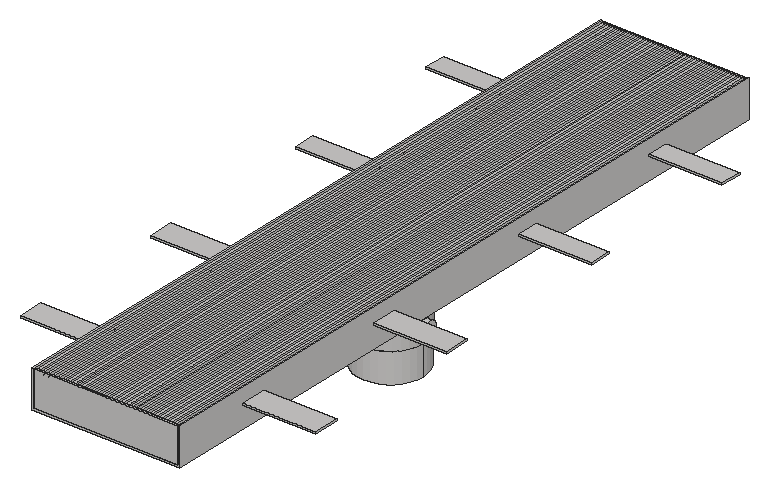
Revit family "Drain_Trench_Elevator-Zurn-Z899-EL", category Plumbing Fixtures, Revit 2022
Family settings
  Round Connector Dimension = Use Radius
  Part Type = Normal
  OmniClass Number = 23.70.50.21.24.14
  OmniClass Title = Deck Waste Water Drains
  Work Plane-Based = No
  Always vertical = Yes
  Cut with Voids When Loaded = No
  Maintain Annotation Orientation = No
  Shared = No
  Room Calculation Point = No
Parameters (values of type "Load Family Type Catalog")
  Waste Connection = yes
  WFU = 1  # constant formula
  Vent Connection = no
  URL = "www.zurn.com"
  Type Comments = "Z899-EL-10 x 48 w/ Trap Primer Option"
  Channel Depth = 0' - 2 1/2"  # constant formula
  Trap Primer Radius = 0' - 0 1/4"  # constant formula
  Product data url = "https://bimobject.com/zurnindustries/product/Z899-EL"
  Product Page URL = "https://www.zurn.com/products/drainage-interceptors/stainless-drains/stainless-trench-drains/z899-el"
  Product Installation Sheet = "https://files.zurn.com/care-cleaning-install-warranty-sheets/220-059-z899-installation-guide_pq.pdf"
  Product Documentation Link = "https://files.zurn.com/spec-sheets/z899-el.pdf"
  Outlet Depth = 0' - 6"  # constant formula
  Outlet Location (Centered) = Length_A / 2  # 2' - 0"
  Nominal Outlet Radius = 0' - 2"  # constant formula
  Model = "Z899-EL"  # constant formula
  Main Material = Steel - Zurn - Stainless - Type 304
  HWFU = 0  # constant formula
  HW Connection = no
  Description = "FSAE/OEE Trench Drainage System"  # constant formula
  Outlet Radius = 0' - 2"  # constant formula
  CWFU = 0  # constant formula
  CW Connection = yes
  Assembly Code = "D2030300"
  Anchor Straps-96 = no
  Anchor Straps-72 = no
  Anchor Straps-60 = no
  Anchor Straps-48 = yes
  Anchor Straps-36 = yes
  Actual Outlet Radius = 0' - 2 1/4"  # constant formula
  Modified Date = "January 6, 2025"  # constant formula
  Manufacurer Brand = "Zurn"  # constant formula
  Manufacturer = "Zurn Water, LLC"  # constant formula
  Width_C = 0' - 10"
  Length_A = 4' - 0"
  Default Elevation = 2' - 0"  # constant formula
  Date Created = "March 23, 2021"  # constant formula
Reference planes (in)
  plane 1 "Center (Front/Back)": y = 0
  plane 2: z = 0
  plane 3 "Center (Left/Right)": x = 0
  plane 4: y = 24
  plane 5: y = -24
  plane 6: x = -5
  plane 7: x = 5
  plane 8: z = -2.5
  plane 9: x = -4.875
  plane 10: x = 4.875
  plane 11: z = -2.375
  plane 12: z = -1.875
  plane 13: z = -8.5
  plane 14: y = -23.875
  plane 15: y = 23.875
  plane 16: z = -1.875
  plane 17: x = -4.875
  plane 18: x = 4.875
  plane 19: x = -4.70975
  plane 20: x = -4.54449
  plane 21: z = -1
  plane 22: x = -4.37924
  plane 23: x = -4.21398
  plane 24: x = -4.04873
  plane 25: x = -3.88347
  plane 26: x = -3.71822
  plane 27: x = -3.55297
  plane 28: x = -3.38771
  plane 29: x = -3.22246
  plane 30: x = -3.0572
  plane 31: x = -2.89195
  plane 32: x = -2.72669
  plane 33: x = -2.56144
  plane 34: x = -2.39619
  plane 35: x = -2.23093
  plane 36: x = -2.06568
  plane 37: x = -1.90042
  plane 38: x = -1.73517
  plane 39: x = -1.56992
  plane 40: x = -1.40466
  plane 41: x = -1.23941
  plane 42: x = -1.07415
  plane 43: x = -0.9089
  plane 44: x = -0.74364
  plane 45: x = -0.57839
  plane 46: x = -0.41314
  plane 47: x = -0.24788
  plane 48: x = -0.08263
  plane 49: x = 0.08263
  plane 50: x = 0.24788
  plane 51: x = 0.41314
  plane 52: x = 0.57839
  plane 53: x = 0.74364
  plane 54: x = 0.9089
  plane 55: x = 1.07415
  plane 56: x = 1.23941
  plane 57: x = 1.40466
  plane 58: x = 1.56992
  plane 59: x = 1.73517
  plane 60: x = 1.90042
  plane 61: x = 2.06568
  plane 62: x = 2.23093
  plane 63: x = 2.39619
  plane 64: x = 2.56144
  plane 65: x = 2.72669
  plane 66: x = 2.89195
  plane 67: x = 3.0572
  plane 68: x = 3.22246
  plane 69: x = 3.38771
  plane 70: x = 3.55297
  plane 71: x = 3.71822
  plane 72: x = 3.88347
  plane 73: x = 4.04873
  plane 74: x = 4.21398
  plane 75: x = 4.37924
  plane 76: x = 4.54449
  plane 77: x = 4.70975
  plane 78: y = 23.375
  plane 79: z = -0.5
  plane 80: z = -0.5
  plane 81: y = 21.34239
  plane 82: y = 19.30978
  plane 83: y = 17.27717
  plane 84: y = 15.24457
  plane 85: y = 13.21196
  plane 86: y = 11.17935
  plane 87: y = 9.14674
  plane 88: y = 7.11413
  plane 89: y = 5.08152
  plane 90: y = 3.04891
  plane 91: y = 1.0163
  plane 92: y = -23.375
  plane 93: z = -0.5
  plane 94: y = -21.34239
  plane 95: y = -19.30978
  plane 96: y = -17.27717
  plane 97: y = -15.24457
  plane 98: y = -13.21196
  plane 99: y = -11.17935
  plane 100: y = -9.14674
  plane 101: y = -7.11413
  plane 102: y = -5.08152
  plane 103: y = -3.04891
  plane 104: y = -1.0163
  plane 105: x = -10
  plane 106: x = 10
  plane 107: y = -40.75
  plane 108: z = -0.875
  plane 109: y = 37.5
  plane 110: y = 6
  plane 111: y = 39
  plane 112: y = 28
  plane 113: y = 17
  plane 114: y = -6
  plane 115: y = -39
  plane 116: y = -28
  plane 117: y = -17
  plane 118: y = 26.5
  plane 119: y = -29.75
  plane 120: y = 15.5
  plane 121: y = -18.75
  plane 122: y = 4.5
  plane 123: y = -7.75
  plane 124: x = 2.25
  plane 125: x = 2.84375
  plane 126: x = -3.75
  plane 127: x = 3.75
  plane 128: x = -2.5
  plane 129: x = -1.25
  plane 130: x = 2.5
  plane 131: x = 1.25
  plane 132: x = -2.25
  plane 133: y = 2.25
  plane 134: y = -2.25
  plane 135: z = -6.5
  plane 136: x = -2.9375
  plane 137: x = 2.9375
  plane 138: x = 14.36298
  plane 139: z = -6.02284
  plane 140: z = -2.62
  plane 141: x = 2.8175
  plane 142: z = -6.38
  plane 143: x = 2.13
  plane 144: z = -6.1514
  plane 145: x = 14.23996
  plane 146: x = 2.1875
  plane 147: z = -5.375
  plane 148: x = 2.75
Forms (in)
  Sweep 1, solid, material "Steel - Zurn - Stainless - Type 304" <- "Main Material", detail levels fine
    path origin (0, 0, 0) x (1, 0, 0) y (0, 1, 0)
      loop
        line (0, 24) -> (0, -24)
    profile origin (0, 0, 0) x (1, 0, 0) y (0, 0, 1)
      loop
        line (-5, 0) -> (-5, -2.5) -> (5, -2.5) -> (5, 0) -> (4.875, 0) -> (4.875, -2.375) -> (-4.875, -2.375) -> (-4.875, 0) -> (-5, 0)
  Extrusion 2, solid, material "Steel - Zurn - Stainless - Type 304" <- "Main Material", detail levels fine
    sketch origin (0, 0, 0) x (1, 0, 0) y (0, 1, 0)
      loop
        circle (0, 0) r 2.25
    from -8.5 to -6.5
  Extrusion 3, void, detail levels fine
    sketch origin (0, 0, 0) x (1, 0, 0) y (0, 1, 0)
      loop
        circle (0, 0) r 2
    from -8.5 to -2.68657
  Extrusion 4, solid, material "Steel - Zurn - Stainless - Type 304" <- "Main Material", detail levels fine
    sketch origin (0, 0, 0) x (1, 0, 0) y (0, 0, 1)
      loop
        line (-4.875, 0) -> (-4.875, -2.375) -> (4.875, -2.375) -> (4.875, 0) -> (-4.875, 0)
    from 24 to 23.875
  Extrusion 5, solid, material "Steel - Zurn - Stainless - Type 304" <- "Main Material", detail levels fine
    sketch origin (0, 0, 0) x (1, 0, 0) y (0, 1, 0)
      loop
        circle (0, 0) r 2.25
    from -8.5 to -6.5
  Extrusion 6, void, detail levels fine
    sketch origin (0, 0, 0) x (1, 0, 0) y (0, 1, 0)
      loop
        circle (0, 0) r 2
    from -8.5 to -6.5
  Extrusion 7, solid, material "Steel - Zurn - Stainless - Type 304" <- "Main Material", detail levels fine
    sketch origin (0, 0, 0) x (1, 0, 0) y (0, 0, -1)
      loop
        line (-4.875, 0) -> (4.875, 0) -> (4.875, 2.375) -> (-4.875, 2.375) -> (-4.875, 0)
    from 23.875 to 24
  Extrusion 8, solid, material "Steel - Zurn - Stainless - Type 304" <- "Main Material", detail levels fine
    sketch origin (0, 0, 0) x (1, 0, 0) y (0, 1, 0)
      loop
        line (-4.70975, 23.875) -> (-4.70975, -23.875) -> (-4.54449, -23.875) -> (-4.54449, 23.875) -> (-4.70975, 23.875)
      loop
        line (-4.37924, 23.875) -> (-4.37924, -23.875) -> (-4.21398, -23.875) -> (-4.21398, 23.875) -> (-4.37924, 23.875)
      loop
        line (-4.04873, 23.875) -> (-4.04873, -23.875) -> (-3.88347, -23.875) -> (-3.88347, 23.875) -> (-4.04873, 23.875)
      loop
        line (-3.71822, 23.875) -> (-3.71822, -23.875) -> (-3.55297, -23.875) -> (-3.55297, 23.875) -> (-3.71822, 23.875)
      loop
        line (-3.38771, 23.875) -> (-3.38771, -23.875) -> (-3.22246, -23.875) -> (-3.22246, 23.875) -> (-3.38771, 23.875)
      loop
        line (-3.0572, 23.875) -> (-3.0572, -23.875) -> (-2.89195, -23.875) -> (-2.89195, 23.875) -> (-3.0572, 23.875)
      loop
        line (-2.72669, 23.875) -> (-2.72669, -23.875) -> (-2.56144, -23.875) -> (-2.56144, 23.875) -> (-2.72669, 23.875)
      loop
        line (-2.39619, 23.875) -> (-2.39619, -23.875) -> (-2.23093, -23.875) -> (-2.23093, 23.875) -> (-2.39619, 23.875)
      loop
        line (-2.06568, 23.875) -> (-2.06568, -23.875) -> (-1.90042, -23.875) -> (-1.90042, 23.875) -> (-2.06568, 23.875)
      loop
        line (-1.73517, 23.875) -> (-1.73517, -23.875) -> (-1.56992, -23.875) -> (-1.56992, 23.875) -> (-1.73517, 23.875)
      loop
        line (-1.40466, 23.875) -> (-1.40466, -23.875) -> (-1.23941, -23.875) -> (-1.23941, 23.875) -> (-1.40466, 23.875)
      loop
        line (-1.07415, 23.875) -> (-1.07415, -23.875) -> (-0.9089, -23.875) -> (-0.9089, 23.875) -> (-1.07415, 23.875)
      loop
        line (-0.74364, 23.875) -> (-0.74364, -23.875) -> (-0.57839, -23.875) -> (-0.57839, 23.875) -> (-0.74364, 23.875)
      loop
        line (-0.41314, 23.875) -> (-0.41314, -23.875) -> (-0.24788, -23.875) -> (-0.24788, 23.875) -> (-0.41314, 23.875)
      loop
        line (-0.08263, 23.875) -> (-0.08263, -23.875) -> (0.08263, -23.875) -> (0.08263, 23.875) -> (-0.08263, 23.875)
      loop
        line (0.24788, 23.875) -> (0.24788, -23.875) -> (0.41314, -23.875) -> (0.41314, 23.875) -> (0.24788, 23.875)
      loop
        line (0.57839, 23.875) -> (0.57839, -23.875) -> (0.74364, -23.875) -> (0.74364, 23.875) -> (0.57839, 23.875)
      loop
        line (0.9089, 23.875) -> (0.9089, -23.875) -> (1.07415, -23.875) -> (1.07415, 23.875) -> (0.9089, 23.875)
      loop
        line (1.23941, 23.875) -> (1.23941, -23.875) -> (1.40466, -23.875) -> (1.40466, 23.875) -> (1.23941, 23.875)
      loop
        line (1.56992, 23.875) -> (1.56992, -23.875) -> (1.73517, -23.875) -> (1.73517, 23.875) -> (1.56992, 23.875)
      loop
        line (1.90042, 23.875) -> (1.90042, -23.875) -> (2.06568, -23.875) -> (2.06568, 23.875) -> (1.90042, 23.875)
      loop
        line (2.23093, 23.875) -> (2.23093, -23.875) -> (2.39619, -23.875) -> (2.39619, 23.875) -> (2.23093, 23.875)
      loop
        line (2.56144, 23.875) -> (2.56144, -23.875) -> (2.72669, -23.875) -> (2.72669, 23.875) -> (2.56144, 23.875)
      loop
        line (2.89195, 23.875) -> (2.89195, -23.875) -> (3.0572, -23.875) -> (3.0572, 23.875) -> (2.89195, 23.875)
      loop
        line (3.22246, 23.875) -> (3.22246, -23.875) -> (3.38771, -23.875) -> (3.38771, 23.875) -> (3.22246, 23.875)
      loop
        line (3.55297, 23.875) -> (3.55297, -23.875) -> (3.71822, -23.875) -> (3.71822, 23.875) -> (3.55297, 23.875)
      loop
        line (3.88347, 23.875) -> (3.88347, -23.875) -> (4.04873, -23.875) -> (4.04873, 23.875) -> (3.88347, 23.875)
      loop
        line (4.21398, 23.875) -> (4.21398, -23.875) -> (4.37924, -23.875) -> (4.37924, 23.875) -> (4.21398, 23.875)
      loop
        line (4.54449, 23.875) -> (4.54449, -23.875) -> (4.70975, -23.875) -> (4.70975, 23.875) -> (4.54449, 23.875)
    from -1 to 0
  Extrusion 9, solid, material "Steel - Zurn - Stainless - Type 304" <- "Main Material", detail levels fine
    sketch origin (0, 0, 0.5) x (0, 1, 0) y (0, 0, 1)
      loop
        circle (23.375, -1) r 0.094
      loop
        circle (21.34239, -1) r 0.094
      loop
        circle (19.30978, -1) r 0.094
      loop
        circle (17.27717, -1) r 0.094
      loop
        circle (15.24457, -1) r 0.094
      loop
        circle (13.21196, -1) r 0.094
      loop
        circle (11.17935, -1) r 0.094
      loop
        circle (9.14674, -1) r 0.094
      loop
        circle (7.11413, -1) r 0.094
      loop
        circle (5.08152, -1) r 0.094
      loop
        circle (3.04891, -1) r 0.094
      loop
        circle (1.0163, -1) r 0.094
      loop
        circle (-23.375, -1) r 0.094
      loop
        circle (-21.34239, -1) r 0.094
      loop
        circle (-19.30978, -1) r 0.094
      loop
        circle (-17.27717, -1) r 0.094
      loop
        circle (-15.24457, -1) r 0.094
      loop
        circle (-13.21196, -1) r 0.094
      loop
        circle (-11.17935, -1) r 0.094
      loop
        circle (-9.14674, -1) r 0.094
      loop
        circle (-7.11413, -1) r 0.094
      loop
        circle (-5.08152, -1) r 0.094
      loop
        circle (-3.04891, -1) r 0.094
      loop
        circle (-1.0163, -1) r 0.094
    from -4.875 to 4.875
  Extrusion 10, solid, material "Steel - Zurn - Stainless - Type 304" <- "Main Material", visible <- "Anchor Straps-96", detail levels fine
    sketch origin (0, 0, 0) x (1, 0, 0) y (0, 1, 0)
      loop
        line (-10, -40.75) -> (-5, -40.75) -> (-5, -39) -> (-10, -39) -> (-10, -40.75)
      loop
        line (-10, 39) -> (-10, 37.5) -> (-5, 37.5) -> (-5, 39) -> (-10, 39)
      loop
        line (10, 39) -> (5, 39) -> (5, 37.5) -> (10, 37.5) -> (10, 39)
      loop
        line (10, -40.75) -> (10, -39) -> (5, -39) -> (5, -40.75) -> (10, -40.75)
    from -1 to -0.875
  Extrusion 11, solid, material "Steel - Zurn - Stainless - Type 304" <- "Main Material", visible <- "Anchor Straps-72", detail levels fine
    sketch origin (0, 0, 0) x (1, 0, 0) y (0, 1, 0)
      loop
        line (-10, 28) -> (-10, 26.5) -> (-5, 26.5) -> (-5, 28) -> (-10, 28)
      loop
        line (5, 28) -> (5, 26.5) -> (10, 26.5) -> (10, 28) -> (5, 28)
      loop
        line (-10, -28) -> (-10, -29.75) -> (-5, -29.75) -> (-5, -28) -> (-10, -28)
      loop
        line (5, -28) -> (5, -29.75) -> (10, -29.75) -> (10, -28) -> (5, -28)
    from -1 to -0.875
  Extrusion 12, solid, material "Steel - Zurn - Stainless - Type 304" <- "Main Material", visible <- "Anchor Straps-48", detail levels fine
    sketch origin (0, 0, 0) x (1, 0, 0) y (0, 1, 0)
      loop
        line (-10, 17) -> (-10, 15.5) -> (-5, 15.5) -> (-5, 17) -> (-10, 17)
      loop
        line (5, 17) -> (5, 15.5) -> (10, 15.5) -> (10, 17) -> (5, 17)
      loop
        line (-10, -17) -> (-10, -18.75) -> (-5, -18.75) -> (-5, -17) -> (-10, -17)
      loop
        line (5, -17) -> (5, -18.75) -> (10, -18.75) -> (10, -17) -> (5, -17)
    from -1 to -0.875
  Extrusion 13, solid, material "Steel - Zurn - Stainless - Type 304" <- "Main Material", visible <- "Anchor Straps-36", detail levels fine
    sketch origin (0, 0, 0) x (1, 0, 0) y (0, 1, 0)
      loop
        line (-10, 6) -> (-10, 4.5) -> (-5, 4.5) -> (-5, 6) -> (-10, 6)
      loop
        line (5, 6) -> (5, 4.5) -> (10, 4.5) -> (10, 6) -> (5, 6)
      loop
        line (-10, -6) -> (-10, -7.75) -> (-5, -7.75) -> (-5, -6) -> (-10, -6)
      loop
        line (5, -6) -> (5, -7.75) -> (10, -7.75) -> (10, -6) -> (5, -6)
    from -1 to -0.875
  Revolve 14, solid, material "Steel - Zurn - Stainless - Type 304" <- "Main Material", detail levels fine
    sketch origin (0, 0, 0) x (1, 0, 0) y (0, 0, 1)
      loop
        line (0, -2.5) -> (0, -6.5) -> (2.25, -6.5)
        arc (2.25, -6.5) -> (2.33938, -4.47848) -> (2.76377, -2.5) r 12.12237
        line (2.76377, -2.5) -> (0, -2.5)
      axis (0, -2.5) -> (0, -6.5)
    angle from 0 to 360
  Revolve 15, void
    sketch origin (0, 0, 0) x (1, 0, 0) y (0, 0, 1)
      loop
        line (0, -6.5) -> (2.12791, -6.5)
        arc (2.12791, -6.5) -> (2.24845, -4.41157) -> (2.72639, -2.375) r 12.11707
        line (2.72639, -2.375) -> (0, -2.375) -> (0, -6.5)
      axis (0, -2.375) -> (0, -6.5)
    angle from 0 to 360
  Extrusion 16, solid, material "Steel - Zurn - Stainless - Type 304" <- "Main Material", detail levels fine
    sketch origin (0, 0, 0) x (0, 1, 0) y (0, 0, 1)
      loop
        circle (0, -5.375) r 0.42188
    from 2.25 to 2.75
Cuts and joins
  Extrusion 3 cuts Extrusion 2
  Extrusion 6 cuts Extrusion 4
  Extrusion 6 cuts Extrusion 5
  Revolve 15 cuts Revolve 14
  Revolve 15 cuts Sweep 1
Lines and regions (in)
  model lines, detail levels coarse+medium
    curve 1: line (-5, 24, 0) -> (5, 24, 0)
    curve 2: line (-5, -24, 0) -> (-5, 24, 0)
    curve 3: line (5, -24, 0) -> (-5, -24, 0)
    curve 4: line (5, 24, 0) -> (5, -24, 0)
    curve 5: line (-3.75, 24, 0) -> (-3.75, -24, 0)
    curve 6: line (3.75, 24, 0) -> (3.75, -24, 0)
    curve 7: line (-5, 6, 0) -> (5, 6, 0)
    curve 8: line (-5, -6, 0) -> (5, -6, 0)
    curve 9: line (-2.5, 24, 0) -> (-2.5, -24, 0)
    curve 10: line (-1.25, 24, 0) -> (-1.25, -24, 0)
    curve 11: line (2.5, 24, 0) -> (2.5, -24, 0)
    curve 12: line (1.25, 24, 0) -> (1.25, -24, 0)
    curve 13: line (0, 24, 0) -> (0, -24, 0)
    curve 74: line (0, 0, 0) -> (0, 0, -8.5)
    curve 75: line (-2.25, 0, -8.5) -> (2.25, 0, -8.5)
    curve 76: line (0, 2.25, -8.5) -> (0, -2.25, -8.5)
    curve 94: line (0, 0, -5.375) -> (2.75, 0, -5.375)
  model lines, visible <- "Anchor Straps-96", detail levels coarse+medium
    curve 14: line (-5, 39, 0) -> (5, 39, 0)
    curve 19: line (-5, -39, 0) -> (5, -39, 0)
  model lines, visible <- "Anchor Straps-72", detail levels coarse+medium
    curve 15: line (-5, 28, 0) -> (5, 28, 0)
    curve 18: line (-5, -28, 0) -> (5, -28, 0)
  model lines, visible <- "Anchor Straps-48", detail levels coarse+medium
    curve 16: line (-5, 17, 0) -> (5, 17, 0)
    curve 17: line (-5, -17, 0) -> (5, -17, 0)
  symbolic lines, detail levels coarse+medium
    curve 20: line (0, 24, 0) -> (0, -24, 0)
    curve 21: line (-5, 24, 0) -> (5, 24, 0)
    curve 22: line (-5, -24, 0) -> (-5, 24, 0)
    curve 23: line (5, -24, 0) -> (-5, -24, 0)
    curve 49: line (5, 4.5, 0) -> (10, 4.5, 0)
    curve 50: line (10, 4.5, 0) -> (10, 6, 0)
    curve 51: line (10, 6, 0) -> (5, 6, 0)
    curve 52: line (-10, 4.5, 0) -> (-5, 4.5, 0)
    curve 53: line (-10, 6, 0) -> (-10, 4.5, 0)
    curve 54: line (-5, 6, 0) -> (-10, 6, 0)
    curve 55: line (5, -6, 0) -> (10, -6, 0)
    curve 56: line (10, -7.75, 0) -> (5, -7.75, 0)
    curve 57: line (10, -6, 0) -> (10, -7.75, 0)
    curve 58: line (-10, -6, 0) -> (-5, -6, 0)
    curve 59: line (-5, -7.75, 0) -> (-10, -7.75, 0)
    curve 60: line (-10, -7.75, 0) -> (-10, -6, 0)
    curve 73: line (5, 24, 0) -> (5, -24, 0)
    curve 77: line (0, 0, 0) -> (0, 0, -8.5)
    curve 78: line (-2.25, 0, -8.5) -> (2.25, 0, -8.5)
    curve 79: line (-5, 0, 0) -> (5, 0, 0)
    curve 80: line (0, 0, 0) -> (0, 0, -8.5)
    curve 81: line (0, 2.25, -8.5) -> (0, -2.25, -8.5)
  symbolic lines, not visible, detail levels coarse+medium
    curve 24: line (5, 24, 0) -> (5, -24, 0)
    curve 43: line (-5, 17, 0) -> (-10, 17, 0)
    curve 44: line (-10, 15.5, 0) -> (-5, 15.5, 0)
    curve 45: line (-10, 17, 0) -> (-10, 15.5, 0)
    curve 46: line (5, 15.5, 0) -> (10, 15.5, 0)
    curve 47: line (10, 15.5, 0) -> (10, 17, 0)
    curve 48: line (10, 17, 0) -> (5, 17, 0)
    curve 61: line (5, -17, 0) -> (10, -17, 0)
    curve 62: line (10, -17, 0) -> (10, -18.75, 0)
    curve 63: line (10, -18.75, 0) -> (5, -18.75, 0)
    curve 64: line (-10, -17, 0) -> (-5, -17, 0)
    curve 65: line (-5, -18.75, 0) -> (-10, -18.75, 0)
    curve 66: line (-10, -18.75, 0) -> (-10, -17, 0)
  symbolic lines, visible <- "Anchor Straps-96", detail levels coarse+medium
    curve 25: line (5, 37.5, 0) -> (10, 37.5, 0)
    curve 26: line (10, 37.5, 0) -> (10, 39, 0)
    curve 27: line (10, 39, 0) -> (5, 39, 0)
    curve 28: line (-10, 37.5, 0) -> (-5, 37.5, 0)
    curve 29: line (-5, 39, 0) -> (-10, 39, 0)
    curve 30: line (-10, 39, 0) -> (-10, 37.5, 0)
    curve 31: line (5, -39, 0) -> (10, -39, 0)
    curve 32: line (10, -39, 0) -> (10, -40.75, 0)
    curve 33: line (10, -40.75, 0) -> (5, -40.75, 0)
    curve 34: line (-10, -39, 0) -> (-5, -39, 0)
    curve 35: line (-5, -40.75, 0) -> (-10, -40.75, 0)
    curve 36: line (-10, -40.75, 0) -> (-10, -39, 0)
  symbolic lines, visible <- "Anchor Straps-72", detail levels coarse+medium
    curve 37: line (5, 26.5, 0) -> (10, 26.5, 0)
    curve 38: line (10, 26.5, 0) -> (10, 28, 0)
    curve 39: line (10, 28, 0) -> (5, 28, 0)
    curve 40: line (-10, 26.5, 0) -> (-5, 26.5, 0)
    curve 41: line (-5, 28, 0) -> (-10, 28, 0)
    curve 42: line (-10, 28, 0) -> (-10, 26.5, 0)
  symbolic lines, visible <- "Anchor Straps-60", detail levels coarse+medium
    curve 67: line (5, -28, 0) -> (10, -28, 0)
    curve 68: line (10, -28, 0) -> (10, -29.75, 0)
    curve 69: line (10, -29.75, 0) -> (5, -29.75, 0)
    curve 70: line (-10, -28, 0) -> (-5, -28, 0)
    curve 71: line (-5, -29.75, 0) -> (-10, -29.75, 0)
    curve 72: line (-10, -29.75, 0) -> (-10, -28, 0)
  symbolic lines, visible <- "Anchor Straps-48", detail levels coarse+medium
    curve 82: line (-5, 17, 0) -> (-10, 17, 0)
    curve 83: line (-10, 15.5, 0) -> (-5, 15.5, 0)
    curve 84: line (-10, 17, 0) -> (-10, 15.5, 0)
    curve 85: line (10, 17, 0) -> (5, 17, 0)
    curve 86: line (10, 15.5, 0) -> (10, 17, 0)
    curve 87: line (5, 15.5, 0) -> (10, 15.5, 0)
    curve 88: line (10, -18.75, 0) -> (5, -18.75, 0)
    curve 89: line (5, -17, 0) -> (10, -17, 0)
    curve 90: line (10, -17, 0) -> (10, -18.75, 0)
    curve 91: line (-10, -17, 0) -> (-5, -17, 0)
    curve 92: line (-5, -18.75, 0) -> (-10, -18.75, 0)
    curve 93: line (-10, -18.75, 0) -> (-10, -17, 0)
Dimensions and locks (in)
  equal spacing: plane 7, plane 3 "Center (Left/Right)", plane 6
  "Width_C": plane 7 to plane 6
  "Channel Depth": level to plane 8
  plane 11 to plane 8 = 0' - 0 1/8"
  plane 9 to plane 6 = 0' - 0 1/8"
  plane 7 to plane 10 = 0' - 0 1/8"
  "Outlet Depth": plane 8 to plane 13
  locked: plane 4 to plane 15 at 0.125
  locked: plane 14 to plane 5 at 0.125
  plane 6 to plane 17 = 0' - 0 1/8"
  plane 18 to plane 7 = 0' - 0 1/8"
  locked: level to plane 21 at 1
  equal spacing: plane 17, plane 19, plane 20, plane 22, plane 23, plane 24, plane 25, plane 26, plane 27, plane 28, plane 29, plane 30, plane 31, plane 32, plane 33, plane 34, plane 35, plane 36, plane 37, plane 38, plane 39, plane 40, plane 41, plane 42, plane 43, plane 44, plane 45, plane 46, plane 47, plane 48, plane 49, plane 50, plane 51, plane 52, plane 53, plane 54, plane 55, plane 56, plane 57, plane 58, plane 59, plane 60, plane 61, plane 62, plane 63, plane 64, plane 65, plane 66, plane 67, plane 68, plane 69, plane 70, plane 71, plane 72, plane 73, plane 74, plane 75, plane 76, plane 77, plane 18
  locked: plane 15 to plane 78 at 0.5
  level to plane 79 = 0' - 0 1/2"
  locked: level to plane 80 at 0.5
  locked: plane 92 to plane 14 at 0.5
  equal spacing: plane 78, plane 81, plane 82, plane 83, plane 84, plane 85, plane 86, plane 87, plane 88, plane 89, plane 90, plane 91, plane 104, plane 103, plane 102, plane 101, plane 100, plane 99, plane 98, plane 97, plane 96, plane 95, plane 94, plane 92
  locked: plane 105 to plane 6 at 5
  locked: plane 7 to plane 106 at 5
  plane 108 to plane 21 = 0' - 0 1/8"
  plane 111 to plane 109 = 0' - 1 1/2"
  locked: plane 111 to plane 112 at 11
  locked: plane 112 to plane 113 at 11
  locked: plane 113 to plane 110 at 11
  locked: plane 115 to plane 116 at 11
  locked: plane 116 to plane 117 at 11
  locked: plane 117 to plane 114 at 11
  plane 112 to plane 118 = 0' - 1 1/2"
  plane 113 to plane 120 = 0' - 1 1/2"
  plane 110 to plane 122 = 0' - 1 1/2"
  plane 125 to plane 124 = 0' - 0 19/32"
  equal spacing: plane 6, plane 126, plane 128, plane 129, plane 3 "Center (Left/Right)"
  equal spacing: plane 3 "Center (Left/Right)", plane 131, plane 130, plane 127, plane 7
  "Actual Outlet Radius": plane 124 to plane 3 "Center (Left/Right)"
  "Actual Outlet Radius": plane 3 "Center (Left/Right)" to plane 132
  "Actual Outlet Radius": plane 133 to plane 1 "Center (Front/Back)"
  "Actual Outlet Radius": plane 1 "Center (Front/Back)" to plane 134
  plane 4 to plane 5 = 4' - 0"
  plane 8 to plane 13 = 0' - 6"
  locked: plane 135 to plane 13 at 2
  equal spacing: plane 137, plane 3 "Center (Left/Right)", plane 136
  locked: plane 137 to plane 136 at 5.875
  plane 8 to plane 140 = 0' - 0.12"
  plane 137 to plane 141 = 0' - 0.12"
  plane 142 to plane 135 = 0' - 0.12"
  plane 124 to plane 143 = 0' - 0.12"
  plane 124 to plane 146 = 0' - 0 1/16"
  locked: plane 2 to plane 147 at 5.375
  equal spacing: plane 4, plane 1 "Center (Front/Back)", plane 5
  "Length_A": plane 4 to plane 5
  locked: plane 148 to plane 3 "Center (Left/Right)" at 2.75
  plane 110 to plane 1 "Center (Front/Back)" to plane 114 = 0' - 6" locked, 0' - 6" locked
  "Actual Outlet Radius": radius of Extrusion 2 sketch curve
  "Nominal Outlet Radius": radius of Extrusion 3 sketch curve
  "Actual Outlet Radius": radius of cut or joined group of Extrusion 2, Extrusion 3
  "Nominal Outlet Radius": radius of cut or joined group of Extrusion 2, Extrusion 3
  "Actual Outlet Radius": radius of Extrusion 5 sketch curve
  "Nominal Outlet Radius": radius of Extrusion 6 sketch curve
  radius of Extrusion 16 sketch curve = 0' - 0 27/64"
  aligned and locked: plane 2 to level
  aligned and locked: Sweep 1 sketch curve to level  (x2)
  aligned and locked: plane 7 to Sweep 1 sketch curve
  aligned and locked: plane 10 to Sweep 1 sketch curve
  aligned and locked: Sweep 1 sketch curve to plane 8
  aligned and locked: Sweep 1 sketch curve to plane 11
  aligned and locked: Sweep 1 sketch curve to plane 6
  aligned and locked: Sweep 1 sketch curve to plane 9
  aligned and locked: plane 1 "Center (Front/Back)" to Extrusion 2 sketch curve
  aligned and locked: plane 3 "Center (Left/Right)" to Extrusion 2 sketch curve
  aligned and locked: plane 3 "Center (Left/Right)" to Extrusion 3 sketch curve
  aligned and locked: plane 1 "Center (Front/Back)" to Extrusion 3 sketch curve
  aligned and locked: Extrusion 4 sketch curve to Sweep 1  (x2)
  aligned and locked: Sweep 1 to Extrusion 4 sketch curve
  aligned and locked: plane 3 "Center (Left/Right)" to Extrusion 5 sketch curve
  aligned and locked: plane 1 "Center (Front/Back)" to Extrusion 5 sketch curve
  aligned and locked: plane 3 "Center (Left/Right)" to Extrusion 6 sketch curve
  aligned and locked: plane 1 "Center (Front/Back)" to Extrusion 6 sketch curve
  aligned and locked: Extrusion 5 to plane 13
  aligned and locked: Extrusion 6 to plane 13
  aligned and locked: plane 4 to Extrusion 7
  aligned and locked: Extrusion 7 to plane 15
  aligned and locked: Extrusion 7 to plane 17
  aligned and locked: plane 18 to Extrusion 7
  aligned and locked: Extrusion 8 sketch curve to plane 15  (x25)
  aligned and locked: Extrusion 8 sketch curve to plane 19
  aligned and locked: plane 14 to Extrusion 8 sketch curve  (x26)
  aligned and locked: Extrusion 8 sketch curve to plane 20
  aligned and locked: Extrusion 8 to plane 21
  aligned and locked: level to Extrusion 8
  aligned and locked: Extrusion 8 sketch curve to plane 22
  aligned and locked: Extrusion 8 sketch curve to plane 23
  aligned and locked: Extrusion 8 sketch curve to plane 24
  aligned and locked: Extrusion 8 sketch curve to plane 25
  aligned and locked: Extrusion 8 sketch curve to plane 26
  aligned and locked: Extrusion 8 sketch curve to plane 27
  aligned and locked: Extrusion 8 sketch curve to plane 28
  aligned and locked: Extrusion 8 sketch curve to plane 29
  aligned and locked: Extrusion 8 sketch curve to plane 30
  aligned and locked: Extrusion 8 sketch curve to plane 31
  aligned and locked: Extrusion 8 sketch curve to plane 32
  aligned and locked: Extrusion 8 sketch curve to plane 33
  aligned and locked: Extrusion 8 sketch curve to plane 34
  aligned and locked: Extrusion 8 sketch curve to plane 35
  aligned and locked: Extrusion 8 sketch curve to plane 36
  aligned and locked: Extrusion 8 sketch curve to plane 37
  aligned and locked: Extrusion 8 sketch curve to plane 38
  aligned and locked: Extrusion 8 sketch curve to plane 39
  aligned and locked: Extrusion 8 sketch curve to plane 40
  aligned and locked: Extrusion 8 sketch curve to plane 41
  aligned and locked: Extrusion 8 sketch curve to plane 42
  aligned and locked: Extrusion 8 sketch curve to plane 43
  aligned and locked: Extrusion 8 sketch curve to plane 44
  aligned and locked: Extrusion 8 sketch curve to plane 45
  aligned and locked: Extrusion 8 sketch curve to plane 46
  aligned and locked: Extrusion 8 sketch curve to plane 47
  aligned and locked: Extrusion 8 sketch curve to plane 48
  aligned and locked: Extrusion 8 sketch curve to plane 49
  aligned and locked: Extrusion 8 sketch curve to plane 50
  aligned and locked: Extrusion 8 sketch curve to plane 51
  aligned and locked: Extrusion 8 sketch curve to plane 52
  aligned and locked: Extrusion 8 sketch curve to plane 53
  aligned and locked: Extrusion 8 sketch curve to plane 54
  aligned and locked: Extrusion 8 sketch curve to plane 55
  aligned and locked: Extrusion 8 sketch curve to plane 56
  aligned and locked: Extrusion 8 sketch curve to plane 57
  aligned and locked: Extrusion 8 sketch curve to plane 58
  aligned and locked: Extrusion 8 sketch curve to plane 59
  aligned and locked: Extrusion 8 sketch curve to plane 60
  aligned and locked: Extrusion 8 sketch curve to plane 61
  aligned and locked: Extrusion 8 sketch curve to plane 62
  aligned and locked: Extrusion 8 sketch curve to plane 63
  aligned and locked: Extrusion 8 sketch curve to plane 64
  aligned and locked: Extrusion 8 sketch curve to plane 65
  aligned and locked: Extrusion 8 sketch curve to plane 66
  aligned and locked: Extrusion 8 sketch curve to plane 67
  aligned and locked: Extrusion 8 sketch curve to plane 68
  aligned and locked: Extrusion 8 sketch curve to plane 69
  aligned and locked: Extrusion 8 sketch curve to plane 70
  aligned and locked: Extrusion 8 sketch curve to plane 71
  aligned and locked: Extrusion 8 sketch curve to plane 72
  aligned and locked: Extrusion 8 sketch curve to plane 73
  aligned and locked: Extrusion 8 sketch curve to plane 74
  aligned and locked: Extrusion 8 sketch curve to plane 75
  aligned and locked: Extrusion 8 sketch curve to plane 76
  aligned and locked: Extrusion 8 sketch curve to plane 77
  aligned and locked: plane 15 to Extrusion 8 sketch curve
  aligned and locked: plane 78 to Extrusion 9 sketch curve
  aligned and locked: plane 79 to Extrusion 9 sketch curve
  aligned and locked: plane 81 to Extrusion 9 sketch curve
  aligned and locked: plane 82 to Extrusion 9 sketch curve
  aligned and locked: plane 83 to Extrusion 9 sketch curve
  aligned and locked: plane 84 to Extrusion 9 sketch curve
  aligned and locked: plane 85 to Extrusion 9 sketch curve
  aligned and locked: plane 86 to Extrusion 9 sketch curve
  aligned and locked: plane 87 to Extrusion 9 sketch curve
  aligned and locked: plane 88 to Extrusion 9 sketch curve
  aligned and locked: plane 89 to Extrusion 9 sketch curve
  aligned and locked: plane 90 to Extrusion 9 sketch curve
  aligned and locked: plane 91 to Extrusion 9 sketch curve
  aligned and locked: Extrusion 9 sketch curve to plane 92
  aligned and locked: plane 93 to Extrusion 9 sketch curve
  aligned and locked: Extrusion 9 sketch curve to plane 94
  aligned and locked: Extrusion 9 sketch curve to plane 95
  aligned and locked: Extrusion 9 sketch curve to plane 96
  aligned and locked: Extrusion 9 sketch curve to plane 97
  aligned and locked: Extrusion 9 sketch curve to plane 98
  aligned and locked: Extrusion 9 sketch curve to plane 99
  aligned and locked: Extrusion 9 sketch curve to plane 100
  aligned and locked: Extrusion 9 sketch curve to plane 101
  aligned and locked: Extrusion 9 sketch curve to plane 102
  aligned and locked: Extrusion 9 sketch curve to plane 103
  aligned and locked: Extrusion 9 sketch curve to plane 104
  aligned and locked: plane 105 to Extrusion 10 sketch curve  (x2)
  aligned and locked: Extrusion 10 sketch curve to plane 6  (x2)
  aligned and locked: Extrusion 10 to plane 21
  aligned and locked: Extrusion 10 to plane 108
  aligned and locked: plane 109 to Extrusion 10 sketch curve
  aligned and locked: plane 106 to Extrusion 10 sketch curve  (x2)
  aligned and locked: Extrusion 10 sketch curve to plane 7  (x2)
  aligned and locked: Extrusion 10 sketch curve to plane 109
  aligned and locked: Extrusion 10 sketch curve to plane 111
  aligned and locked: plane 111 to Extrusion 10 sketch curve
  aligned and locked: Extrusion 10 sketch curve to plane 115
  aligned and locked: plane 115 to Extrusion 10 sketch curve
  aligned and locked: Extrusion 11 sketch curve to plane 112  (x2)
  aligned and locked: plane 105 to Extrusion 11 sketch curve
  aligned and locked: plane 118 to Extrusion 11 sketch curve  (x2)
  aligned and locked: Extrusion 11 sketch curve to plane 6
  aligned and locked: Extrusion 11 sketch curve to plane 106
  aligned and locked: plane 7 to Extrusion 11 sketch curve
  aligned and locked: Extrusion 11 sketch curve to plane 119  (x2)
  aligned and locked: Extrusion 11 sketch curve to plane 105
  aligned and locked: plane 6 to Extrusion 11 sketch curve
  aligned and locked: Extrusion 11 sketch curve to plane 7
  aligned and locked: plane 106 to Extrusion 11 sketch curve
  aligned and locked: plane 116 to Extrusion 11 sketch curve  (x2)
  aligned and locked: Extrusion 12 sketch curve to plane 113  (x2)
  aligned and locked: plane 105 to Extrusion 12 sketch curve
  aligned and locked: plane 120 to Extrusion 12 sketch curve  (x2)
  aligned and locked: Extrusion 12 sketch curve to plane 6
  aligned and locked: Extrusion 12 sketch curve to plane 106
  aligned and locked: plane 7 to Extrusion 12 sketch curve
  aligned and locked: Extrusion 12 sketch curve to plane 121  (x2)
  aligned and locked: plane 117 to Extrusion 12 sketch curve  (x2)
  aligned and locked: plane 106 to Extrusion 12 sketch curve
  aligned and locked: Extrusion 12 sketch curve to plane 105
  aligned and locked: plane 6 to Extrusion 12 sketch curve
  aligned and locked: Extrusion 12 sketch curve to plane 7
  aligned and locked: Extrusion 13 sketch curve to plane 110  (x2)
  aligned and locked: plane 105 to Extrusion 13 sketch curve
  aligned and locked: plane 122 to Extrusion 13 sketch curve  (x2)
  aligned and locked: Extrusion 13 sketch curve to plane 6
  aligned and locked: plane 7 to Extrusion 13 sketch curve
  aligned and locked: Extrusion 13 sketch curve to plane 106
  aligned and locked: Extrusion 13 sketch curve to plane 123  (x2)
  aligned and locked: Extrusion 13 sketch curve to plane 105
  aligned and locked: plane 106 to Extrusion 13 sketch curve
  aligned and locked: plane 114 to Extrusion 13 sketch curve  (x2)
  aligned and locked: plane 6 to Extrusion 13 sketch curve
  aligned and locked: Extrusion 13 sketch curve to plane 7
  aligned and locked: Extrusion 11 to plane 21
  aligned and locked: Extrusion 13 to plane 21
  aligned and locked: Extrusion 13 to plane 108
  aligned and locked: Extrusion 12 to plane 21
  aligned and locked: Extrusion 12 to plane 108
  aligned and locked: plane 21 to Extrusion 11
  aligned and locked: Extrusion 11 to plane 108
  aligned and locked: plane 18 to Extrusion 9
  aligned and locked: Extrusion 9 to plane 17
  aligned and locked: plane 4 to curve 5
  aligned and locked: plane 5 to curve 5
  aligned and locked: curve 5 to plane 126
  aligned and locked: plane 6 to curve 7
  aligned and locked: plane 7 to curve 7
  aligned and locked: curve 7 to plane 110
  aligned and locked: curve 9 to plane 128
  aligned and locked: curve 10 to plane 129
  aligned and locked: curve 12 to plane 131
  aligned and locked: curve 11 to plane 130
  aligned and locked: curve 6 to plane 127
  aligned and locked: curve 13 to plane 3 "Center (Left/Right)"
  aligned and locked: curve 14 to plane 111
  aligned and locked: curve 15 to plane 112
  aligned and locked: curve 16 to plane 113
  aligned and locked: plane 117 to curve 17
  aligned and locked: plane 116 to curve 18
  aligned and locked: plane 115 to curve 19
  aligned and locked: plane 5 to curve 20
  aligned and locked: plane 4 to curve 20
  aligned and locked: curve 20 to level
  aligned and locked: Sweep 1 to plane 6
  aligned and locked: plane 7 to Sweep 1
  aligned and locked: Sweep 1 to plane 5
  aligned and locked: Sweep 1 to plane 4
  aligned and locked: curve 22 to Sweep 1
  aligned and locked: curve 25 to Extrusion 10
  aligned and locked: curve 26 to Extrusion 10
  aligned and locked: curve 27 to Extrusion 10
  aligned and locked: curve 28 to Extrusion 10
  aligned and locked: curve 29 to Extrusion 10
  aligned and locked: curve 30 to Extrusion 10
  aligned and locked: curve 31 to Extrusion 10
  aligned and locked: Extrusion 10 to curve 32
  aligned and locked: curve 34 to Extrusion 10
  aligned and locked: Extrusion 10 to plane 105
  aligned and locked: Extrusion 10 to curve 36
  aligned and locked: curve 37 to Extrusion 11
  aligned and locked: curve 38 to Extrusion 11
  aligned and locked: curve 39 to Extrusion 11
  aligned and locked: curve 40 to Extrusion 11
  aligned and locked: curve 41 to Extrusion 11
  aligned and locked: curve 42 to Extrusion 11
  aligned and locked: curve 43 to Extrusion 12
  aligned and locked: curve 44 to Extrusion 12
  aligned and locked: curve 45 to Extrusion 12
  aligned and locked: curve 46 to Extrusion 12
  aligned and locked: curve 47 to Extrusion 12
  aligned and locked: curve 48 to Extrusion 12
  aligned and locked: curve 49 to Extrusion 13
  aligned and locked: curve 50 to Extrusion 13
  aligned and locked: curve 51 to Extrusion 13
  aligned and locked: curve 52 to Extrusion 13
  aligned and locked: curve 53 to Extrusion 13
  aligned and locked: curve 54 to Extrusion 13
  aligned and locked: curve 55 to Extrusion 13
  aligned and locked: Extrusion 13 to curve 57
  aligned and locked: curve 58 to Extrusion 13
  aligned and locked: Extrusion 13 to curve 60
  aligned and locked: curve 61 to Extrusion 12
  aligned and locked: Extrusion 12 to curve 62
  aligned and locked: curve 64 to Extrusion 12
  aligned and locked: Extrusion 12 to curve 66
  aligned and locked: curve 67 to Extrusion 11
  aligned and locked: Extrusion 11 to curve 68
  aligned and locked: curve 70 to Extrusion 11
  aligned and locked: Extrusion 11 to curve 72
  aligned and locked: plane 4 to curve 73
  aligned and locked: plane 5 to curve 73
  aligned and locked: curve 73 to plane 7
  aligned and locked: cut or joined group of Extrusion 2, Extrusion 3 to plane 13  (x2)
  aligned and locked: curve 75 to plane 132
  aligned and locked: plane 124 to curve 75
  aligned and locked: curve 75 to plane 13
  aligned and locked: curve 76 to plane 13
  aligned and locked: plane 6 to curve 79
  aligned and locked: plane 7 to curve 79
  aligned and locked: curve 79 to level
  aligned and locked: level to curve 77
  aligned and locked: plane 13 to curve 77
  aligned and locked: curve 77 to plane 3 "Center (Left/Right)"
  aligned and locked: curve 78 to plane 132
  aligned and locked: plane 124 to curve 78
  aligned and locked: curve 78 to plane 13
  aligned and locked: level to curve 80
  aligned and locked: plane 13 to curve 80
  aligned and locked: curve 80 to plane 1 "Center (Front/Back)"
  aligned and locked: plane 133 to curve 81
  aligned and locked: plane 134 to curve 81
  aligned and locked: curve 81 to plane 13
  aligned and locked: plane 135 to cut or joined group of Extrusion 5, Extrusion 6
  aligned and locked: plane 135 to cut or joined group of Extrusion 2, Extrusion 3
  aligned and locked: cut or joined group of Extrusion 2, Extrusion 3 to Extrusion 6
  aligned and locked: Revolve 14 sketch curve to plane 8
  aligned and locked: Revolve 14 sketch curve to plane 3 "Center (Left/Right)"
  aligned and locked: Revolve 14 sketch curve to plane 135
  aligned and locked: plane 8 to Revolve 14 sketch curve
  aligned and locked: plane 135 to Revolve 14 sketch curve
  aligned and locked: plane 138 to Revolve 14 sketch curve
  aligned and locked: plane 139 to Revolve 14 sketch curve
  aligned and locked: Revolve 15 sketch curve to plane 3 "Center (Left/Right)"  (x2)
  aligned and locked: plane 145 to Revolve 15 sketch curve
  aligned and locked: plane 144 to Revolve 15 sketch curve
  aligned and locked: Revolve 15 sketch curve to plane 135
  aligned and locked: plane 135 to Revolve 15 sketch curve
  aligned and locked: curve 82 to Extrusion 12
  aligned and locked: plane 1 "Center (Front/Back)" to Extrusion 16 sketch curve
  aligned and locked: plane 147 to Extrusion 16 sketch curve
  aligned and locked: Extrusion 16 to plane 124
  aligned and locked: plane 148 to Extrusion 16
  aligned and locked: Revolve 15 sketch curve to Sweep 1
  aligned and locked: Extrusion 4 sketch curve to cut or joined group of Sweep 1, Revolve 15
  aligned and locked: Extrusion 7 sketch curve to cut or joined group of Sweep 1, Revolve 15
  aligned and locked: plane 5 to cut or joined group of Extrusion 4, Extrusion 6
  aligned and locked: plane 14 to cut or joined group of Extrusion 4, Extrusion 6
  aligned and locked: plane 107 to Extrusion 10 sketch curve
  aligned and locked: Extrusion 10 sketch curve to plane 107
  aligned and locked: curve 94 to plane 147
  aligned and locked: plane 3 "Center (Left/Right)" to curve 94
Automatic sketch dimensions
  Extrusion 9 sketch curve to plane 79 = 0' - 0"  (x22)
  Sweep 1 sketch curve to plane 3 "Center (Left/Right)" = 0' - 0"
  Sweep 1 sketch curve to plane 5 = 0' - 0"
  Sweep 1 sketch curve to plane 4 = 0' - 0"
  Extrusion 7 sketch curve to plane 17 = 0' - 0"
  Extrusion 7 sketch curve to plane 18 = 0' - 0"
  Extrusion 7 sketch curve to level = 0' - 0"
  Extrusion 8 sketch curve to plane 14 = 0' - 0"  (x3)
  Extrusion 8 sketch curve to plane 15 = 0' - 0"  (x3)
  curve 76 to plane 134 = 0' - 0"
  curve 74 to plane 1 "Center (Front/Back)" = 0' - 0"
  curve 76 to plane 133 = 0' - 0"
  Revolve 14 sketch curve to plane 3 "Center (Left/Right)" = 0' - 0"
  Revolve 14 sketch curve to plane 124 = 0' - 0"
  Revolve 14 sketch curve to plane 13 = 0' - 0"
  level to Revolve 14 sketch curve = 0' - 1"
  plane 114 to curve 8 = 0' - 0"
  Revolve 15 sketch curve to plane 143 = 0' - 0.00209"
  plane 13 to Revolve 15 sketch curve = 0' - 0 1/2"
  level to Revolve 15 sketch curve = 0' - 0 1/2"
  curve 57 to curve 55 = 0' - 1 3/4"
  curve 59 to curve 58 = 0' - 1 3/4"
  curve 93 to curve 64 = 0' - 1 3/4"
  curve 62 to curve 61 = 0' - 1 3/4"
  curve 71 to curve 70 = 0' - 1 3/4"
  curve 68 to curve 67 = 0' - 1 3/4"
  curve 33 to curve 31 = 0' - 1 3/4"
  curve 36 to curve 34 = 0' - 1 3/4"
  plane 124 to curve 94 = 0' - 0 1/2"
  radius of Extrusion 9 sketch curve = 0' - 0.094"  (x24)
Connectors (in)
  piping at (0, 0, -8.5), diameter 4, driven by "Outlet Radius", driven by "Waste Connection"
    settings: on cut or joined group of Extrusion 2, Extrusion 3, index 1, connector inside diameter 24", connector length 0' - 0", flow factor 0, pipe flow 0 GPM, pressure drop 0.00 psi, fitting loss kfactor 0, connector angle 0.00°, fixture units 0, engagement length 0' - 0", angle of deflection 0.00°, flow configuration 0, flow direction 2, fitting loss method 0, system type 16, joint type 0, gender type 0, connector reference index -1, connector utility 1, adjustable connector no, is connector primary yes, connector description "Outlet Connection"
  piping at (2.75, 0, -5.375), diameter 0.5, driven by "Trap Primer Radius", driven by "CW Connection"
    settings: on Extrusion 16, index 2, connector inside diameter 24", connector length 0' - 0", flow factor 0, pipe flow 0 GPM, pressure drop 0.00 psi, fitting loss kfactor 0, connector angle 0.00°, fixture units 0, engagement length 0' - 0", angle of deflection 0.00°, flow configuration 0, flow direction 1, fitting loss method 0, system type 20, joint type 0, gender type 0, connector reference index -1, connector utility 1, adjustable connector no, is connector primary no, connector description "Trap Primer"
Types in the file's own list only (30): name | Type Comments | Product data url | Outlet Location (Centered) | Anchor Straps-96 | Anchor Straps-72 | Anchor Straps-60 | Anchor Straps-48 | Anchor Straps-36 | Width_C | Length_A
  12 Wide x 96 Long Channel (Less Straps) | "Z899-EL-12 x 96 (Less Straps) w/ Trap Primer Option" | "https://bimobject.com/zurnindustries/product/Z899-EL" | 4' - 0" | No | No | No | No | No | 1' - 0" | 8' - 0"
  12 Wide x 96 Long Channel | "Z899-EL-12 x 96 w/ Trap Primer Option" | "https://bimobject.com/zurnindustries/product/Z899-EL" | 4' - 0" | Yes | Yes | Yes | Yes | Yes | 1' - 0" | 8' - 0"
  12 Wide x 72 Long Channel | "Z899-EL-12 x 72 w/ Trap Primer Option" | "https://bimobject.com/zurnindustries/product/Z899-EL" | 3' - 0" | No | Yes | Yes | Yes | Yes | 1' - 0" | 6' - 0"
  12 Wide x 72 Long Channel (Less Straps) | "Z899-EL-12 x 72 (Less Straps) w/ Trap Primer Option" | "https://bimobject.com/zurnindustries/product/Z899-EL" | 3' - 0" | No | No | No | No | No | 1' - 0" | 6' - 0"
  12 Wide x 60 Long Channel (Less Straps) | "Z899-EL-12 x 60 (Less Straps) w/ Trap Primer Option" | "https://bimobject.com/zurnindustries/product/Z899-EL" | 2' - 6" | No | No | No | No | No | 1' - 0" | 5' - 0"
  12 Wide x 60 Long Channel | "Z899-EL-12 x 60 w/ Trap Primer Option" | "https://bimobject.com/zurnindustries/product/Z899-EL" | 2' - 6" | No | No | Yes | Yes | Yes | 1' - 0" | 5' - 0"
  12 Wide x 48 Long Channel | "Z899-EL-12 x 48 w/ Trap Primer Option" | "https://bimobject.com/zurnindustries/product/Z899-EL" | 2' - 0" | No | No | No | Yes | Yes | 1' - 0" | 4' - 0"
  12 Wide x 48 Long Channel (Less Straps) | "Z899-EL-12 x 48 (Less Straps) w/ Trap Primer Option" | "https://bimobject.com/zurnindustries/product/Z899-EL" | 2' - 0" | No | No | No | No | No | 1' - 0" | 4' - 0"
  12 Wide x 36 Long Channel (Less Straps) | "Z899-EL-12 x 36 (Less Straps) w/ Trap Primer Option" | "https://bimobject.com/zurnindustries/product/Z899-EL" | 1' - 6" | No | No | No | No | No | 1' - 0" | 3' - 0"
  12 Wide x 36 Long Channel | "Z899-EL-12 x 36 w/ Trap Primer Option" | "https://bimobject.com/zurnindustries/product/Z899-EL" | 1' - 6" | No | No | No | No | Yes | 1' - 0" | 3' - 0"
  10 Wide x 36 Long Channel | "Z899-EL-10 x 36 w/ Trap Primer Option" | "https://bimobject.com/zurnindustries/product/Z899-EL" | 1' - 6" | No | No | No | No | Yes | 0' - 10" | 3' - 0"
  8 Wide x 36 Long Channel | "Z899-EL-8 x 36 w/ Trap Primer Option" | "https://bimobject.com/zurnindustries/product/Z899-EL" | 1' - 6" | No | No | No | No | Yes | 0' - 8" | 3' - 0"
  10 Wide x 36 Long Channel (Less Straps) | "Z899-EL-10 x 36 (Less Straps) w/ Trap Primer Option" | "https://bimobject.com/zurnindustries/product/Z899-EL" | 1' - 6" | No | No | No | No | No | 0' - 10" | 3' - 0"
  8 Wide x 36 Long Channel (Less Straps) | "Z899-EL-8 x 36 (Less Straps) w/ Trap Primer Option" | "https://bimobject.com/zurnindustries/product/Z899-EL" | 1' - 6" | No | No | No | No | No | 0' - 8" | 3' - 0"
  10 Wide x 48 Long Channel | "Z899-EL-10 x 48 w/ Trap Primer Option" | "https://bimobject.com/zurnindustries/product/Z899-EL" | 2' - 0" | No | No | No | Yes | Yes | 0' - 10" | 4' - 0"
  10 Wide x 48 Long Channel (Less Straps) | "Z899-EL-10 x 48 (Less Straps) w/ Trap Primer Option" |  | 2' - 0" | No | No | No | No | No | 0' - 10" | 4' - 0"
  8 Wide x 48 Long Channel | "Z899-EL-8 x 48 w/ Trap Primer Option" | "https://bimobject.com/zurnindustries/product/Z899-EL" | 2' - 0" | No | No | No | Yes | Yes | 0' - 8" | 4' - 0"
  8 Wide x 48 Long Channel (Less Straps) | "Z899-EL-8 x 48 (Less Straps) w/ Trap Primer Option" | "https://bimobject.com/zurnindustries/product/Z899-EL" | 2' - 0" | No | No | No | No | No | 0' - 8" | 4' - 0"
  10 Wide x 60 Long Channel | "Z899-EL-10 x 60 w/ Trap Primer Option" | "https://bimobject.com/zurnindustries/product/Z899-EL" | 2' - 6" | No | No | Yes | Yes | Yes | 0' - 10" | 5' - 0"
  10 Wide x 60 Long Channel (Less Straps) | "Z899-EL-10 x 60 (Less Straps) w/ Trap Primer Option" |  | 2' - 6" | No | No | No | No | No | 0' - 10" | 5' - 0"
  8 Wide x 60 Long Channel | "Z899-EL-8 x 60 w/ Trap Primer Option" | "https://bimobject.com/zurnindustries/product/Z899-EL" | 2' - 6" | No | No | Yes | Yes | Yes | 0' - 8" | 5' - 0"
  8 Wide x 60 Long Channel (Less Straps) | "Z899-EL-8 x 60 (Less Straps) w/ Trap Primer Option" | "https://bimobject.com/zurnindustries/product/Z899-EL" | 2' - 6" | No | No | No | No | No | 0' - 8" | 5' - 0"
  10 Wide x 72 Long Channel | "Z899-EL-10 x 72 w/ Trap Primer Option" | "https://bimobject.com/zurnindustries/product/Z899-EL" | 3' - 0" | No | Yes | Yes | Yes | Yes | 0' - 10" | 6' - 0"
  10 Wide x 72 Long Channel (Less Straps) | "Z899-EL-10 x 72 (Less Straps) w/ Trap Primer Option" |  | 3' - 0" | No | No | No | No | No | 0' - 10" | 6' - 0"
  8 Wide x 72 Long Channel | "Z899-EL-8 x 72 w/ Trap Primer Option" | "https://bimobject.com/zurnindustries/product/Z899-EL" | 3' - 0" | No | Yes | Yes | Yes | Yes | 0' - 8" | 6' - 0"
  8 Wide x 72 Long Channel (Less Straps) | "Z899-EL-8 x 72 (Less Straps) w/ Trap Primer Option" | "https://bimobject.com/zurnindustries/product/Z899-EL" | 3' - 0" | No | No | No | No | No | 0' - 8" | 6' - 0"
  10 Wide x 96 Long Channel | "Z899-EL-10 x 96 w/ Trap Primer Option" | "https://bimobject.com/zurnindustries/product/Z899-EL" | 4' - 0" | Yes | Yes | Yes | Yes | Yes | 0' - 10" | 8' - 0"
  10 Wide x 96 Long Channel (Less Straps) | "Z899-EL-10 x 96 (Less Straps) w/ Trap Primer Option" | "https://bimobject.com/zurnindustries/product/Z899-EL" | 4' - 0" | No | No | No | No | No | 0' - 10" | 8' - 0"
  8 Wide x 96 Long Channel | "Z899-EL-8 x 96 w/ Trap Primer Option" | "https://bimobject.com/zurnindustries/product/Z899-EL" | 4' - 0" | Yes | Yes | Yes | Yes | Yes | 0' - 8" | 8' - 0"
  8 Wide x 96 Long Channel (Less Straps) | "Z899-EL-8 x 96 (Less Straps) w/ Trap Primer Option" | "Z899-EL-8 x 72 w/ Trap Primer Option" | 4' - 0" | No | No | No | No | No | 0' - 8" | 8' - 0"
